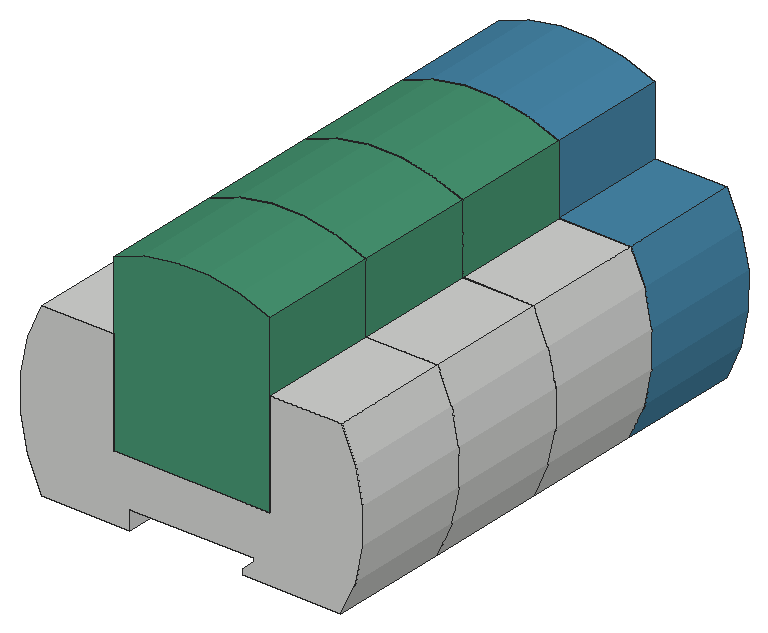
Revit family "Kombiableiter 3-polig+NPE mit Funktionsanzeige", category Generic Models, Revit 2015
Parameters (values of type "MCD 50-B 3+1-OS")
  Width 1 = 44.9 mm
  Width = 100 mm
  URL = "http://www.obo-bettermann.com"
  Material 3 = PA6 MF15 BLAU
  Material 2 = PA6 GF20 FR HF RAL 6029
  Material = PA6 MF15 GRAU
  Manufacturer Art.No. = "5096836"
  Manufacturer = "OBO Bettermann"
  Length = 140 mm
  Height 1 = 49.5 mm
  Height = 74.7 mm
  GTIN = "4012195288299"
  Article Type = "MCD 50-B 3+1-OS"
Reference planes
  plane 1 "Center (Front/Back)": y = 0
  plane 2: z = 0
  plane 3 "Center (Left/Right)": x = 0
  plane 4: z = 49.5
  plane 5: x = -50
  plane 6: x = 50
  plane 7: y = 35
  plane 8: z = 74.7
  plane 9: z = 69.58
  plane 10: y = 70
  plane 11: y = 105
  plane 12: y = 140
Forms (mm)
  Extrusion 1, solid, material "PA6 MF15 GRAU" <- "Material"
    sketch origin (0, 0, 0) x (1, 0, 0) y (0, 0, 1)
      loop
        line (-18, 0.011) -> (-18, 5.5) -> (18, 5.5) -> (18, 4.48) -> (15, 1.772) -> (15, -0.016) -> (43.44, -0.016)
        arc (43.44, -0.016) -> (49.992, 24.724) -> (43.5, 49.481) r 50.213
        line (43.5, 49.481) -> (22.7, 49.481) -> (22.7, 19) -> (-22.7, 19) -> (-22.7, 49.513) -> (-43.4, 49.513)
        arc (-43.4, 49.513) -> (-50.021, 24.767) -> (-43.44, 0.011) r 49.702
        line (-43.44, 0.011) -> (-18, 0.011)
    from -35 to 0
  Extrusion 2, solid, material "PA6 GF20 FR HF RAL 6029" <- "Material 2"
    sketch origin (0, 0, 0) x (1, 0, 0) y (0, 0, 1)
      loop
        line (-22.7, 69.58) -> (-22.7, 19) -> (22.7, 19) -> (22.7, 69.58)
        arc (22.7, 69.58) -> (0, 74.7) -> (-22.7, 69.58) r 52.881
    from -35 to 0
  Extrusion 3, solid, material "PA6 MF15 GRAU" <- "Material"
    sketch origin (0, 0, 0) x (1, 0, 0) y (0, 0, 1)
      loop
        line (-22.7, 49.513) -> (-43.4, 49.513)
        arc (-43.4, 49.513) -> (-50.021, 24.767) -> (-43.44, 0.011) r 49.702
        line (-43.44, 0.011) -> (-18, 0.011) -> (-18, 5.5) -> (18, 5.5) -> (18, 4.48) -> (15, 1.772) -> (15, -0.016) -> (43.44, -0.016)
        arc (43.44, -0.016) -> (49.992, 24.724) -> (43.5, 49.481) r 50.213
        line (43.5, 49.481) -> (22.7, 49.481) -> (22.7, 19) -> (-22.7, 19) -> (-22.7, 49.513)
    from -70 to -35
  Extrusion 4, solid, material "PA6 MF15 GRAU" <- "Material"
    sketch origin (0, 0, 0) x (1, 0, 0) y (0, 0, 1)
      loop
        line (-22.7, 49.513) -> (-43.4, 49.513)
        arc (-43.4, 49.513) -> (-50.021, 24.767) -> (-43.44, 0.011) r 49.702
        line (-43.44, 0.011) -> (-18, 0.011) -> (-18, 5.5) -> (18, 5.5) -> (18, 4.48) -> (15, 1.772) -> (15, -0.016) -> (43.44, -0.016)
        arc (43.44, -0.016) -> (49.992, 24.724) -> (43.5, 49.481) r 50.213
        line (43.5, 49.481) -> (22.7, 49.481) -> (22.7, 19) -> (-22.7, 19) -> (-22.7, 49.513)
    from -105 to -70
  Extrusion 5, solid, material "PA6 GF20 FR HF RAL 6029" <- "Material 2"
    sketch origin (0, 0, 0) x (1, 0, 0) y (0, 0, 1)
      loop
        line (-22.7, 69.58) -> (-22.7, 19) -> (22.7, 19) -> (22.7, 69.58)
        arc (22.7, 69.58) -> (0, 74.7) -> (-22.7, 69.58) r 52.881
    from -70 to -35
  Extrusion 6, solid, material "PA6 GF20 FR HF RAL 6029" <- "Material 2"
    sketch origin (0, 0, 0) x (1, 0, 0) y (0, 0, 1)
      loop
        line (-22.7, 69.58) -> (-22.7, 19) -> (22.7, 19) -> (22.7, 69.58)
        arc (22.7, 69.58) -> (0, 74.7) -> (-22.7, 69.58) r 52.881
    from -105 to -70
  Extrusion 7, solid, material "PA6 MF15 BLAU" <- "Material 3"
    sketch origin (0, 0, 0) x (1, 0, 0) y (0, 0, 1)
      loop
        arc (-43.4, 49.513) -> (-50.021, 24.767) -> (-43.44, 0.011) r 49.702
        line (-43.44, 0.011) -> (-18, 0.011) -> (-18, 5.5) -> (18, 5.5) -> (18, 4.48) -> (15, 1.772) -> (15, -0.016) -> (43.44, -0.016)
        arc (43.44, -0.016) -> (49.992, 24.724) -> (43.5, 49.481) r 50.213
        line (43.5, 49.481) -> (22.7, 49.481) -> (22.7, 69.58)
        arc (22.7, 69.58) -> (0, 74.7) -> (-22.7, 69.58) r 52.881
        line (-22.7, 69.58) -> (-22.7, 49.513) -> (-43.4, 49.513)
    from -140 to -105
Dimensions and locks
  locked: Extrusion 1 sketch curve to level at 5.5
  locked: Extrusion 1 sketch curve to Extrusion 1 sketch curve at 36
  locked: plane 3 "Center (Left/Right)" to Extrusion 1 sketch curve at 18
  locked: Extrusion 1 sketch curve to Extrusion 1 sketch curve at 33
  locked: Extrusion 1 sketch curve to level at 1.772
  locked: Extrusion 1 sketch curve to Extrusion 1 sketch curve at 1.02
  locked: Extrusion 1 sketch curve to Extrusion 1 sketch curve at 86.88
  locked: plane 3 "Center (Left/Right)" to Extrusion 1 sketch curve at 43.44
  "Height 1": plane 4 to level
  locked: Extrusion 1 sketch curve to Extrusion 1 sketch curve at 86.9
  "Width": plane 6 to plane 5
  locked: plane 3 "Center (Left/Right)" to plane 5 at 50
  locked: plane 3 "Center (Left/Right)" to Extrusion 1 sketch curve at 43.4
  locked: Extrusion 1 sketch curve to Extrusion 1 sketch curve at 45.4
  equal spacing: Extrusion 1 sketch curve, plane 3 "Center (Left/Right)", Extrusion 1 sketch curve, locked at 22.7 each
  locked: plane 4 to Extrusion 1 sketch curve at 30.5
  "Height": plane 8 to level
  plane 8 to plane 9 = 5.12 mm
  locked: plane 7 to plane 1 "Center (Front/Back)" at 35
  locked: plane 10 to plane 7 at 35
  locked: plane 11 to plane 10 at 35
  "Length": plane 1 "Center (Front/Back)" to plane 12
  radius of Extrusion 2 sketch curve = 52.881 mm
  radius of Extrusion 1 sketch curve = 49.702 mm
  radius of Extrusion 1 sketch curve = 50.213 mm
  aligned and locked: level to plane 2
  aligned and locked: plane 7 to Extrusion 1
  aligned and locked: plane 1 "Center (Front/Back)" to Extrusion 1
  aligned and locked: Extrusion 2 sketch curve to Extrusion 1  (x3)
  aligned and locked: plane 9 to Extrusion 2 sketch curve  (x2)
  aligned and locked: Extrusion 1 to Extrusion 2
  aligned and locked: plane 1 "Center (Front/Back)" to Extrusion 2
  aligned and locked: Extrusion 3 sketch curve to Extrusion 1  (x14)
  aligned and locked: plane 10 to Extrusion 3
  aligned and locked: Extrusion 3 to Extrusion 1
  aligned and locked: Extrusion 4 sketch curve to Extrusion 1  (x14)
  aligned and locked: plane 11 to Extrusion 4
  aligned and locked: Extrusion 4 to plane 10
  aligned and locked: Extrusion 5 sketch curve to Extrusion 2  (x4)
  aligned and locked: plane 10 to Extrusion 5
  aligned and locked: Extrusion 5 to Extrusion 1
  aligned and locked: Extrusion 6 sketch curve to Extrusion 2  (x4)
  aligned and locked: plane 11 to Extrusion 6
  aligned and locked: Extrusion 6 to plane 10
  aligned and locked: Extrusion 7 sketch curve to Extrusion 1  (x11)
  aligned and locked: Extrusion 2 to Extrusion 7 sketch curve
  aligned and locked: Extrusion 7 sketch curve to Extrusion 2  (x2)
  aligned and locked: plane 12 to Extrusion 7
  aligned and locked: Extrusion 7 to plane 11
Automatic sketch dimensions
  plane 4 to Extrusion 1 sketch curve = 0.013 mm
  Extrusion 1 sketch curve to Extrusion 1 sketch curve = 0.099 mm
  Extrusion 1 sketch curve to level = 0.016 mm
  Extrusion 1 sketch curve to plane 4 = 0.019 mm
